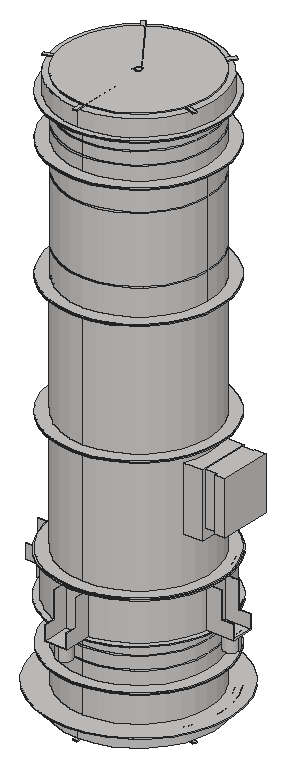
Revit family "HARMANN - REVIT - MAXEE_EC - pionowy", category Wyposażenie mechaniczne, Revit 2025 (continued)
Definition of nested family "HARMANN - Akcesoria - RVK"
  Dimensions and locks
    locked: plane 13 "Center L/T" to plane 14 "Center L/U" at 3
    locked: plane 9 "Center L/S" to plane 13 "Center L/T" at 10
    "B": diameter of Sweep 1 sketch curve
    "B": diameter of Sweep 2 sketch curve
    "A2": diameter of Sweep 2 sketch curve
    "B": diameter of Sweep 3 sketch curve
    "A2": diameter of Sweep 3 sketch curve
    "A2": diameter of Sweep 4 sketch curve
    "D": diameter of Sweep 1 sketch curve
    "D": diameter of Sweep 5 sketch curve
    "B": diameter of Sweep 5 sketch curve
    "D": diameter of Sweep 6 sketch curve
    "B": diameter of Sweep 6 sketch curve
    "B": diameter of Sweep 7 sketch curve
    aligned and locked: level to plane 2
    aligned and locked: Sweep 1 sketch curve to plane 3 "Center (Left/Right)"
    aligned and locked: plane 10 to Sweep 1 sketch curve
    aligned and locked: plane 9 "Center L/S" to Sweep 1 sketch curve
    aligned and locked: Sweep 2 sketch curve to plane 3 "Center (Left/Right)"
    aligned and locked: plane 8 to Sweep 2 sketch curve
    aligned and locked: plane 10 to Sweep 2 sketch curve
    aligned and locked: plane 1 "Center (Front/Back)" to Sweep 3 sketch curve
    aligned and locked: plane 9 "Center L/S" to Sweep 3 sketch curve
    aligned and locked: plane 8 to Sweep 4 sketch curve
    aligned and locked: plane 1 "Center (Front/Back)" to Sweep 4 sketch curve
    aligned and locked: plane 14 "Center L/U" to Sweep 7 sketch curve
    aligned and locked: plane 13 "Center L/T" to Sweep 7 sketch curve
  Automatic sketch dimensions
    Sweep 3 sketch curve to plane 3 "Center (Left/Right)" = 0.00 mm
    Sweep 4 sketch curve to plane 3 "Center (Left/Right)" = 0.00 mm
    Sweep 5 sketch curve to plane 3 "Center (Left/Right)" = 0.00 mm
    Sweep 6 sketch curve to plane 3 "Center (Left/Right)" = 0.00 mm
    Sweep 7 sketch curve to plane 3 "Center (Left/Right)" = 0.00 mm
    Sweep 1 sketch curve to Sweep 1 sketch curve = 0.00 mm  (x2)
    Sweep 1 sketch curve to level = 0.00 mm
    profile plane to Sweep 1 sketch curve = 0.00 mm
    Sweep 2 sketch curve to Sweep 2 sketch curve = 0.00 mm  (x2)
    Sweep 2 sketch curve to level = 0.00 mm
    profile plane to Sweep 2 sketch curve = 0.00 mm
    Sweep 3 sketch curve to Sweep 3 sketch curve = 0.00 mm  (x2)
    Sweep 3 sketch curve to level = 0.00 mm
    profile plane to Sweep 3 sketch curve = 0.00 mm
    Sweep 4 sketch curve to level = 0.00 mm
    profile plane to Sweep 4 sketch curve = 0.00 mm
    Sweep 5 sketch curve to Sweep 5 sketch curve = 0.00 mm  (x2)
    Sweep 5 sketch curve to level = 0.00 mm
    profile plane to Sweep 5 sketch curve = 0.00 mm
    Sweep 6 sketch curve to Sweep 6 sketch curve = 0.00 mm  (x2)
    Sweep 6 sketch curve to level = 0.00 mm
    profile plane to Sweep 6 sketch curve = 0.00 mm
    Sweep 7 sketch curve to level = 0.00 mm
    profile plane to Sweep 7 sketch curve = 0.00 mm
Definition of nested family "HARMANN - Akcesoria - RAF"
  Parameters (values of type "RAF 1250")
    Numer artykułu = size_lookup(Lookup Table Name, "Numer artykułu", "n/a", N1)  # "15750300"
    N1 = 13 mm
    Model = size_lookup(Lookup Table Name, "Model", "n/a", N1)  # "RAF 1250"
    Manufacturer = "Harmann Polska Sp. z o.o."  # constant formula
    Lookup Table Name = "RAF"
    E = size_lookup(Lookup Table Name, "E", 1.00 mm, N1)  # 105.00 mm
    Description = "Kołnierz wlotowy dedykowany dla wentylatorów kanałowych MAXEE."
    Default Elevation = 1219.20 mm
    B = size_lookup(Lookup Table Name, "B", 1.00 mm, N1)  # 1244.00 mm
    A2 = A + 30.00 mm  # 1350.00 mm
    B2 = B + 54.00 mm  # 1298.00 mm
    A = size_lookup(Lookup Table Name, "A", 1.00 mm, N1)  # 1320.00 mm
  Types (13, lengths in mm): name | Numer artykułu | N1 | Model | E | B | A2 | B2 | A
    RAF 1000 | "15741400" | 11 | "RAF 1000" | 110.00 | 994.00 | 1100.00 | 1048.00 | 1070.00
    RAF 315 | "15401600" | 1 | "RAF 315" | 48.00 | 310.00 | 385.00 | 364.00 | 355.00
    RAF 355 | "15401800" | 2 | "RAF 355" | 48.00 | 350.00 | 425.00 | 404.00 | 395.00
    RAF 400 | "15401900" | 3 | "RAF 400" | 40.00 | 395.00 | 480.00 | 449.00 | 450.00
    RAF 450 | "15402000" | 4 | "RAF 450" | 40.00 | 446.00 | 530.00 | 500.00 | 500.00
    RAF 500 | "15402100" | 5 | "RAF 500" | 63.00 | 495.00 | 590.00 | 549.00 | 560.00
    RAF 560 | "15402200" | 6 | "RAF 560" | 63.00 | 555.00 | 650.00 | 609.00 | 620.00
    RAF 630 | "15402300" | 7 | "RAF 630" | 63.00 | 625.00 | 720.00 | 679.00 | 690.00
    RAF 710 | "15402400" | 8 | "RAF 710" | 59.00 | 705.00 | 800.00 | 759.00 | 770.00
    RAF 800 | "15739500" | 9 | "RAF 800" | 58.00 | 794.00 | 890.00 | 848.00 | 860.00
    RAF 900 | "15740600" | 10 | "RAF 900" | 53.00 | 894.00 | 1000.00 | 948.00 | 970.00
    RAF 1120 | "15749700" | 12 | "RAF 1120" | 105.00 | 1114.00 | 1220.00 | 1168.00 | 1190.00
    RAF 1250 | "15750300" | 13 | "RAF 1250" | 105.00 | 1244.00 | 1350.00 | 1298.00 | 1320.00
  Reference planes
    plane 1 "Center (Front/Back)": y = 0
    plane 2: z = 0
    plane 3 "Center (Left/Right)": x = 0
    plane 4: x = -660
    plane 5: x = 660
    plane 6: z = 660
    plane 7: z = -660
    plane 8: y = 105
    plane 9 "Center L/S": y = 3
  Forms (mm)
    Sweep 1, solid, detail levels medium+fine
      path origin (0, 0, 0) x (1, 0, 0) y (0, 1, 0)
        loop
          line (0, 105) -> (0, 3)
      profile origin (0, 54, 0) x (1, 0, 0) y (0, 0, 1)
        loop
          circle (0, 0) r 622
        loop
          circle (0, 0) r 649
    Sweep 2, solid, detail levels medium+fine
      path origin (0, 0, 0) x (1, 0, 0) y (0, 1, 0)
        loop
          line (0, 3) -> (0, 0)
      profile origin (0, 1.5, 0) x (1, 0, 0) y (0, 0, 1)
        loop
          circle (0, 0) r 675
        loop
          circle (0, 0) r 622
    Sweep 3, solid, detail levels coarse
      path origin (0, 0, 0) x (1, 0, 0) y (0, 1, 0)
        loop
          line (0, 105) -> (0, 0)
      profile origin (0, 52.5, 0) x (1, 0, 0) y (0, 0, 1)
        loop
          circle (0, 0) r 675
  Dimensions and locks
    equal spacing: plane 5, plane 3 "Center (Left/Right)", plane 4
    "A": plane 5 to plane 4
    equal spacing: plane 6, level, plane 7
    "A": plane 6 to plane 7
    locked: plane 1 "Center (Front/Back)" to plane 9 "Center L/S" at 3
    "E": plane 1 "Center (Front/Back)" to plane 8
    "B2": diameter of Sweep 1 sketch curve
    "B": diameter of Sweep 2 sketch curve
    "A2": diameter of Sweep 2 sketch curve
    "A2": diameter of Sweep 3 sketch curve
    "B": diameter of Sweep 1 sketch curve
    aligned and locked: level to plane 2
    aligned and locked: Sweep 1 sketch curve to plane 3 "Center (Left/Right)"
    aligned and locked: plane 9 "Center L/S" to Sweep 1 sketch curve
    aligned and locked: plane 1 "Center (Front/Back)" to Sweep 2 sketch curve
    aligned and locked: plane 9 "Center L/S" to Sweep 2 sketch curve
    aligned and locked: plane 8 to Sweep 3 sketch curve
    aligned and locked: plane 1 "Center (Front/Back)" to Sweep 3 sketch curve
    aligned and locked: plane 8 to Sweep 1 sketch curve
  Automatic sketch dimensions
    Sweep 2 sketch curve to plane 3 "Center (Left/Right)" = 0.00 mm
    Sweep 3 sketch curve to plane 3 "Center (Left/Right)" = 0.00 mm
    Sweep 1 sketch curve to Sweep 1 sketch curve = 0.00 mm  (x2)
    Sweep 1 sketch curve to level = 0.00 mm
    profile plane to Sweep 1 sketch curve = 0.00 mm
    Sweep 2 sketch curve to Sweep 2 sketch curve = 0.00 mm  (x2)
    Sweep 2 sketch curve to level = 0.00 mm
    profile plane to Sweep 2 sketch curve = 0.00 mm
    Sweep 3 sketch curve to level = 0.00 mm
    profile plane to Sweep 3 sketch curve = 0.00 mm
Definition of nested family "HARMANN - Akcesoria - SGE"
  Parameters (values of type "SGE 1000")
    Średnica wewnętrzna = 40.00 mm
    Numer artykułu = size_lookup(Lookup Table Name, "Numer artykułu", "n/a", N1)  # "15951800"
    N1 = 11 mm
    Model = size_lookup(Lookup Table Name, "Model", "n/a", N1)  # "SGE 1000"
    Manufacturer = "Harmann Polska Sp. z o.o."  # constant formula
    Lookup Table Name = "SGE"
    Default Elevation = 1219.20 mm
    Description = "Klapa zwrotna"  # constant formula
    B2 = B - 4.00 mm  # 981.00 mm
    B = size_lookup(Lookup Table Name, "B", 1.00 mm, N1)  # 985.00 mm
    A2 = A + 16.00 mm  # 1086.00 mm
    A = size_lookup(Lookup Table Name, "A", 1.00 mm, N1)  # 1070.00 mm
  Types (14, lengths in mm): name | Numer artykułu | N1 | Model | B2 | B | A2 | A
    SGE 315 | "15405800" | 1 | "SGE 315" | 307.00 | 311.00 | 371.00 | 355.00
    SGE 355 | "15406200" | 2 | "SGE 355" | 351.00 | 355.00 | 411.00 | 395.00
    SGE 400 | "15407400" | 3 | "SGE 400" | 395.00 | 399.00 | 466.00 | 450.00
    SGE 450 | "15407500" | 4 | "SGE 450" | 461.00 | 465.00 | 516.00 | 500.00
    SGE 500 | "15407600" | 5 | "SGE 500" | 505.00 | 509.00 | 576.00 | 560.00
    SGE 560 | "15407700" | 6 | "SGE 560" | 571.00 | 575.00 | 636.00 | 620.00
    SGE 630 | "15407900" | 7 | "SGE 630" | 637.00 | 641.00 | 706.00 | 690.00
    SGE 710 | "15408300" | 8 | "SGE 710" | 703.00 | 707.00 | 786.00 | 770.00
    SGE 800 | "15951600" | 9 | "SGE 800" | 781.00 | 785.00 | 876.00 | 860.00
    SGE 900 | "15951700" | 10 | "SGE 900" | 881.00 | 885.00 | 986.00 | 970.00
    SGE 1000 | "15951800" | 11 | "SGE 1000" | 981.00 | 985.00 | 1086.00 | 1070.00
    SGE 1120 | "15951900" | 12 | "SGE 1120" | 1101.00 | 1105.00 | 1206.00 | 1190.00
    SGE 1250 | "15952000" | 13 | "SGE 1250" | 1231.00 | 1235.00 | 1336.00 | 1320.00
    SGE 1400 | "16041800" | 14 | "SGE 1400" | 1381.00 | 1385.00 | 1486.00 | 1470.00
  Reference planes
    plane 1 "Center (Front/Back)": y = 0
    plane 2: z = 0
    plane 3 "Center (Left/Right)": x = 0
    plane 4 "Center L/S": y = 6.5
    plane 5 "Center L/T": y = 3.25
  Forms (mm)
    Sweep 1, solid, detail levels medium+fine
      path origin (0, 0, 0) x (1, 0, 0) y (0, 1, 0)
        loop
          line (0, 0) -> (0, 3.25)
      profile origin (0, 1.625, 0) x (-1, 0, 0) y (0, 0, 1)
        loop
          line (19.472, 4.567) -> (443.807, 312.865)
          arc (443.807, 312.865) -> (439.296, 319.167) -> (434.696, 325.405) r 543
          line (434.696, 325.405) -> (10.361, 17.107)
          arc (10.361, 17.107) -> (16.18, 11.756) -> (19.472, 4.567) r 20
        loop
          arc (-160.408, 518.766) -> (-167.796, 516.424) -> (-175.15, 513.976) r 543
          line (-175.15, 513.976) -> (-13.068, 15.14)
          arc (-13.068, 15.14) -> (-6.18, 19.021) -> (1.673, 19.93) r 20
          line (1.673, 19.93) -> (-160.408, 518.766)
        loop
          arc (-542.945, 7.75) -> (-543, 0) -> (-542.945, -7.75) r 543
          line (-542.945, -7.75) -> (-18.437, -7.75)
          arc (-18.437, -7.75) -> (-20, 0) -> (-18.437, 7.75) r 20
          line (-18.437, 7.75) -> (-542.945, 7.75)
        loop
          arc (-175.15, -513.976) -> (-167.796, -516.424) -> (-160.408, -518.766) r 543
          line (-160.408, -518.766) -> (1.673, -19.93)
          arc (1.673, -19.93) -> (-6.18, -19.021) -> (-13.068, -15.14) r 20
          line (-13.068, -15.14) -> (-175.15, -513.976)
        loop
          arc (434.696, -325.405) -> (439.296, -319.167) -> (443.807, -312.865) r 543
          line (443.807, -312.865) -> (19.472, -4.567)
          arc (19.472, -4.567) -> (16.18, -11.756) -> (10.361, -17.107) r 20
          line (10.361, -17.107) -> (434.696, -325.405)
    Sweep 2, solid, detail levels medium+fine
      path origin (0, 0, 0) x (1, 0, 0) y (0, 1, 0)
        loop
          line (0, 6.5) -> (0, 3.25)
      profile origin (0, 4.875, 0) x (1, 0, 0) y (0, 0, 1)
        loop
          circle (0, 0) r 12.5
        loop
          circle (0, 0) r 490.5
        loop
          circle (0, 0) r 9.5
    Sweep 3, solid, detail levels coarse
      path origin (0, 0, 0) x (1, 0, 0) y (0, 1, 0)
        loop
          line (0, 0) -> (0, 6.5)
      profile origin (0, 3.25, 0) x (-1, 0, 0) y (0, 0, 1)
        loop
          circle (0, 0) r 535
  Dimensions and locks
    locked: plane 1 "Center (Front/Back)" to plane 4 "Center L/S" at 6.5
    equal spacing: plane 1 "Center (Front/Back)", plane 5 "Center L/T", plane 4 "Center L/S"
    "B2": diameter of Sweep 2 sketch curve
    "A": diameter of Sweep 3 sketch curve
    "A2": diameter of Sweep 1 sketch curve  (x5)
    "Średnica wewnętrzna": diameter of Sweep 1 sketch curve  (x5)
    locked: Sweep 1 sketch curve to Sweep 1 sketch curve (angle 72.00°)  (x9)
    aligned and locked: level to plane 2
    aligned and locked: Sweep 1 sketch curve to plane 3 "Center (Left/Right)"
    aligned and locked: plane 4 "Center L/S" to Sweep 2 sketch curve
    aligned and locked: plane 1 "Center (Front/Back)" to Sweep 1 sketch curve
    aligned and locked: plane 1 "Center (Front/Back)" to Sweep 3 sketch curve
    aligned and locked: plane 5 "Center L/T" to Sweep 1 sketch curve
    aligned and locked: plane 5 "Center L/T" to Sweep 2 sketch curve
    aligned and locked: plane 4 "Center L/S" to Sweep 3 sketch curve
  Automatic sketch dimensions
    Sweep 2 sketch curve to plane 3 "Center (Left/Right)" = 0.00 mm
    Sweep 3 sketch curve to plane 3 "Center (Left/Right)" = 0.00 mm
    Sweep 1 sketch curve to Sweep 1 sketch curve = 0.00 mm  (x90)
    Sweep 1 sketch curve to level = 0.00 mm
    Sweep 1 sketch curve to profile plane = 0.00 mm
    profile plane to Sweep 1 sketch curve = 13.068 mm  (x2)
    level to Sweep 1 sketch curve = 7.75 mm
    Sweep 1 sketch curve to level = 7.75 mm
    Sweep 1 sketch curve to Sweep 1 sketch curve = 14.741 mm  (x2)
    Sweep 1 sketch curve to Sweep 1 sketch curve = 8.688 mm  (x2)
    Sweep 1 sketch curve to level = 4.567 mm
    level to Sweep 1 sketch curve = 4.567 mm
    Sweep 2 sketch curve to Sweep 2 sketch curve = 0.00 mm  (x6)
    Sweep 2 sketch curve to level = 0.00 mm
    profile plane to Sweep 2 sketch curve = 0.00 mm
    Sweep 3 sketch curve to level = 0.00 mm
    Sweep 3 sketch curve to profile plane = 0.00 mm
    radius of Sweep 2 sketch curve = 12.50 mm
    radius of Sweep 2 sketch curve = 9.50 mm
Types (5, lengths in mm): name | Zasilanie natężenie maksymalne Imax | Zasilanie Moc maksymalna Pmax | Wysokość FAL | Wysokość | R2 | Powietrze ciśnienie statyczne maksymalne dPmax | Powietrze Przepływ Maksymalny Qmax | Obroty nominalne nnom | Numer artykułu | N1 | Model | Moc akustyczna nominalna obudowa Lwa | Masa | MAXEE | F | Długość TRA | Długość RVS SPR | Długość RVS | Długość RVK SPR | Długość RVK | Długość RAS od strony tłoczonej SPR | Długość RAS SPR | Długość RAS | Długość RAF SPR | Długość RAF | Długość MAXEE | Długość ESD SPR | Długość ESD | D2 | D | Czy Złącze Elastyczne RAS | Czy Dysza wlotowa ESD | Ciśnienie akustyczne nominalne obudowa Lpa | C | B | Akc SGE dla ESD | Akc SGE | Akc RVS | Akc RVK | Akc RAS | Akc RAF | Akc MR | Akc ESD | A
  MAXEE 315/5100EC | 5 A | 900 W | 98.00 | 116.50 | 157.50 | 390.0 Pa | 5150.0 m³/h | 3010.000 obr./min | "15413600" | 2 | "MAXEE 315/5100EC" | "75 dB(A)" | 17.20 kg | HARMANN - MAXEE : MAXEE 315/5100EC | 396.00 | 336.00 | 383.00 | 383.00 | 233.00 | 233.00 | 120.00 | 0.00 | 120.00 | 48.00 | 48.00 | 383.00 | 0.00 | 79.00 | 321.00 | 315.00 | no | no | "68 dB(A)" | 355.00 | 383.00 | HARMANN - Akcesoria - SGE : SGE 355 | HARMANN - Akcesoria - SGE : SGE 315 | HARMANN - Akcesoria - RVS : RVS 315 | HARMANN - Akcesoria - RVK : RVK 315 | HARMANN - Akcesoria - RAS : RAS 315 | HARMANN - Akcesoria - RAF : RAF 315 | HARMANN - Akcesoria - MR : MR 315 | HARMANN - Akcesoria - ESD : ESD 315 | 380.00
  MAXEE 355/7100EC | 8.5 A | 1648 W | 99.00 | 136.00 | 177.50 | 500.0 Pa | 7155.0 m³/h | 3000.000 obr./min | "15412700" | 4 | "MAXEE 355/7100EC" | "79" | 22.00 kg | HARMANN - MAXEE : MAXEE 355/7100EC | 396.00 | 336.00 | 368.00 | 368.00 | 233.00 | 233.00 | 120.00 | 120.00 | 120.00 | 48.00 | 48.00 | 383.00 | 89.00 | 89.00 | 361.00 | 355.00 | yes | yes | "72" | 395.00 | 383.00 | HARMANN - Akcesoria - SGE : SGE 400 | HARMANN - Akcesoria - SGE : SGE 355 | HARMANN - Akcesoria - RVS : RVS 355 | HARMANN - Akcesoria - RVK : RVK 355 | HARMANN - Akcesoria - RAS : RAS 355 | HARMANN - Akcesoria - RAF : RAF 355 | HARMANN - Akcesoria - MR : MR 355 | HARMANN - Akcesoria - ESD : ESD 355 | 420.00
  MAXEE 400/8900EC | 10.3 A | 1460 W | 99.00 | 158.50 | 200.00 | 510.0 Pa | 8900.0 m³/h | 2610.000 obr./min | "15409300" | 6 | "MAXEE 400/8900EC" | "79" | 20.40 kg | HARMANN - MAXEE : MAXEE 400/8900EC | 396.00 | 321.00 | 368.00 | 368.00 | 218.00 | 218.00 | 105.00 | 105.00 | 105.00 | 40.00 | 40.00 | 368.00 | 100.00 | 100.00 | 406.00 | 400.00 | yes | yes | "72" | 450.00 | 368.00 | HARMANN - Akcesoria - SGE : SGE 450 | HARMANN - Akcesoria - SGE : SGE 400 | HARMANN - Akcesoria - RVS : RVS 400 | HARMANN - Akcesoria - RVK : RVK 400 | HARMANN - Akcesoria - RAS : RAS 400 | HARMANN - Akcesoria - RAF : RAF 400 | HARMANN - Akcesoria - MR : MR 400 | HARMANN - Akcesoria - ESD : ESD 400 | 480.00
  MAXEE 450/11100EC | 9.5 A | 1255 W | 99.00 | 183.50 | 225.00 | 360.0 Pa | 11160.0 m³/h | 23000.000 obr./min | "15626200" | 7 | "MAXEE 450/11100EC" | "73 dB(A)" | 22.60 kg | HARMANN - MAXEE : MAXEE 450/11100EC | 396.00 | 321.00 | 368.00 | 368.00 | 218.00 | 218.00 | 105.00 | 105.00 | 105.00 | 40.00 | 40.00 | 368.00 | 112.00 | 112.00 | 456.00 | 450.00 | yes | yes | "66 dB(A)" | 500.00 | 368.00 | HARMANN - Akcesoria - SGE : SGE 450 | HARMANN - Akcesoria - SGE : SGE 450 | HARMANN - Akcesoria - RVS : RVS 450 | HARMANN - Akcesoria - RVK : RVK 450 | HARMANN - Akcesoria - RAS : RAS 450 | HARMANN - Akcesoria - RAF : RAF 450 | HARMANN - Akcesoria - MR : MR 450 | HARMANN - Akcesoria - ESD : ESD 450 | 530.00
  MAXEE 500/9800EC | 6 A | 1164 W | 99.00 | 208.50 | 250.00 | 260.0 Pa | 11640.0 m³/h | 1510.000 obr./min | "15411300" | 9 | "MAXEE 500/9800EC" | "67dB(A)" | 32.80 kg | HARMANN - MAXEE : MAXEE 500/9800EC | 465.00 | 396.00 | 443.00 | 443.00 | 441.00 | 441.00 | 153.00 | 153.00 | 153.00 | 63.00 | 63.00 | 443.00 | 125.00 | 125.00 | 506.00 | 500.00 | yes | yes | "60 dB(A)" | 560.00 | 443.00 | HARMANN - Akcesoria - SGE : SGE 500 | HARMANN - Akcesoria - SGE : SGE 500 | HARMANN - Akcesoria - RVS : RVS 500 | HARMANN - Akcesoria - RVK : RVK 500 | HARMANN - Akcesoria - RAS : RAS 500 | HARMANN - Akcesoria - RAF : RAF 500 | HARMANN - Akcesoria - MR : MR 500 | HARMANN - Akcesoria - ESD : ESD 500 | 590.00
